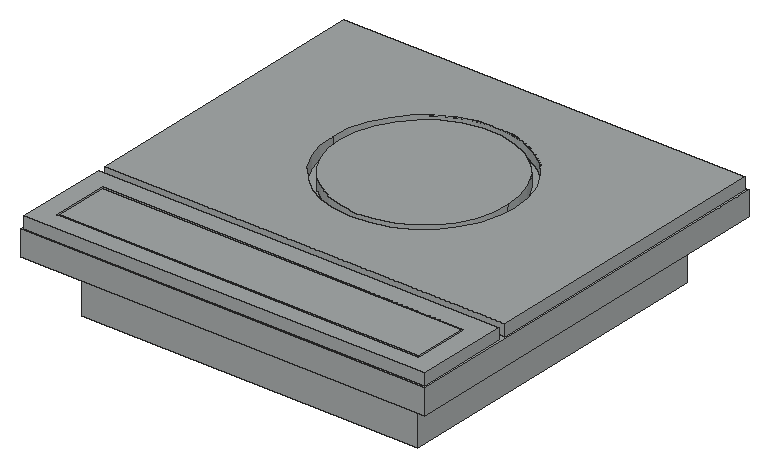
Revit family "Gira_5568920", category Electrical Fixtures, host Face, Revit 2017
Family settings
  Host = Face
  Maintain Annotation Orientation = Yes
  Round Connector Dimension = Use Diameter
  Part Type = Normal
  Cut with Voids When Loaded = No
  Shared = No
  Room Calculation Point = No
Parameters (values of type "Blindmodul System 106 Edelstahl")
  URL = "http://katalog.gira.de/de_DE/datenblatt.html?artikelnr=5568920"
  Region = "DE"
  Name = "Blindmodul System 106 Edelstahl"
  Model = "Sys106_Abdeckung_Schalten und Tasten"
  Manufacturer URL = "https://www.gira.de/"
  Installationstechnik = "Bus-System"
  Höhe = "0,1065 m"
  HeinzeBIM = "https://bimportal.heinze.de/bim/blindmodul-system-106-edelstahl/ea7941b1932142cbc5e590af4b50448beade406b"
  HAN = "5568920"
  GTIN = "4010337022862"
  Edelstahl [instance] = Edelstahl
  Default Elevation = 1219.2 mm
  Data sheet (1) = "https://katalog.gira.de/de_DE/download.html?artikelnr=5568920"
  Category = "Funktionsmodul für Türkommunikation"
  Breite = "0,1065 m"
  Available = "Yes"
  Anzahl der Klingeltasten = "0 "
Reference planes
  plane 1 "Center (Front/Back)": y = 0
  plane 2 "Reference Level 0": z = 0
  plane 3 "Center (Left/Right)": x = 0
  plane 4 "Reference Level 1": z = 9.5
Forms (mm)
  Extrusion 1, solid, material "Edelstahl" <- "Edelstahl", detail levels coarse
    sketch origin (0, 0, 0) x (1, 0, 0) y (0, 1, 0)
      loop
        line (-53, 53) -> (-53, -53) -> (53, -53) -> (53, 53) -> (-53, 53)
    from -14.7 to 9.5
  Extrusion 2, solid, material "Edelstahl" <- "Edelstahl", detail levels fine
    sketch origin (0, 0, 0) x (1, 0, 0) y (0, 1, 0)
      loop
        line (52.5, -28) -> (-52.5, -28) -> (-52.5, -52.5) -> (52.5, -52.5) -> (52.5, -28)
      loop
        line (-47.5, -48) -> (47.5, -48) -> (47.5, -33) -> (-47.5, -33) -> (-47.5, -48)
    from 6.5 to 9.5
  Extrusion 3, solid, material "Edelstahl" <- "Edelstahl", detail levels fine
    sketch origin (0, 0, 0) x (1, 0, 0) y (0, 1, 0)
      loop
        line (-52.5, 52.5) -> (-52.5, -26) -> (52.5, -26) -> (52.5, 52.5) -> (-52.5, 52.5)
      loop
        circle (0, 13) r 24
    from 6.5 to 9.5
  Extrusion 4, solid, material "Edelstahl" <- "Edelstahl", detail levels medium+fine
    sketch origin (0, 0, 0) x (1, 0, 0) y (0, 1, 0)
      loop
        line (-53, 53) -> (-53, -53) -> (53, -53) -> (53, 53) -> (-53, 53)
    from 0 to 6.5
  Extrusion 5, solid, material "Edelstahl" <- "Edelstahl", detail levels fine
    sketch origin (0, 0, 0) x (1, 0, 0) y (0, 1, 0)
      loop
        line (-44, 44) -> (-44, -44) -> (44, -44) -> (44, 44) -> (-44, 44)
    from -14.7 to 0
  Extrusion 6, solid, material "Edelstahl" <- "Edelstahl", detail levels fine
    sketch origin (0, 0, 0) x (1, 0, 0) y (0, 1, 0)
      loop
        circle (0, 13) r 22
    from 6.5 to 9.5
  Extrusion 7, solid, material "Edelstahl" <- "Edelstahl", detail levels fine
    sketch origin (0, 0, 0) x (1, 0, 0) y (0, 1, 0)
      loop
        line (-47, -33.5) -> (-47, -47.5) -> (47, -47.5) -> (47, -33.5) -> (-47, -33.5)
    from 6.5 to 9.5
  Extrusion 8, solid, material "Edelstahl" <- "Edelstahl", detail levels medium
    sketch origin (0, 0, 0) x (1, 0, 0) y (0, 1, 0)
      loop
        line (-52.5, 52.5) -> (-52.5, -26) -> (52.5, -26) -> (52.5, 52.5) -> (-52.5, 52.5)
      loop
        line (-52.5, -28) -> (-52.5, -52.5) -> (52.5, -52.5) -> (52.5, -28) -> (-52.5, -28)
    from 6.5 to 9.5
  Extrusion 9, solid, material "Edelstahl" <- "Edelstahl", detail levels medium
    sketch origin (0, 0, 0) x (1, 0, 0) y (0, 1, 0)
      loop
        circle (0, 13) r 24
      loop
        line (-47.5, -33) -> (-47.5, -48) -> (47.5, -48) -> (47.5, -33) -> (-47.5, -33)
    from 6.5 to 9.5
Dimensions and locks
  aligned and locked: plane 2 "Reference Level 0" to host face
  aligned and locked: level to host face
  aligned and locked: Extrusion 4 to host face
  aligned and locked: Extrusion 4 to level
  aligned and locked: level to Extrusion 5
  aligned and locked: level to Extrusion 4
  aligned and locked: Extrusion 4 to plane 2 "Reference Level 0"
  aligned and locked: plane 2 "Reference Level 0" to Extrusion 5
  aligned and locked: plane 3 "Center (Left/Right)" to nested 1
  aligned and locked: plane 1 "Center (Front/Back)" to nested 1
Nested families
  nested 1: "Schalter" at (0, 0, 0), type "Schalter"
Connectors
  electrical at (0, 0, -14.7)
    settings: on Extrusion 5, index 1, voltage 220 V, apparent load 0 VA, apparent load phase1 0 VA, apparent load phase2 0 VA, apparent load phase3 0 VA, power factor 1, load classification "Other", number of poles 1, system type 30, power factor state 1, is connector primary yes, connector utility no, sub classification motor no, connector description ""
Definition of nested family "Schalter"
  Reference planes
    plane 1: y = 0
    plane 2: x = 0
  Lines and regions (mm)
    detail lines
      curve 1: circle (1.375, 2.778, 0) r 0.8 normal (0, 0, 1)
      curve 2: line (1.021, 2.061, 0) -> (0, 0, 0)
      curve 3: line (0, 0, 0) -> (-0.538, 0.266, 0)
  Dimensions and locks
    curve 2 to curve 2 = 2.3 mm
    curve 3 to curve 2 = 0.6 mm
    radius of curve 1 = 0.8 mm
